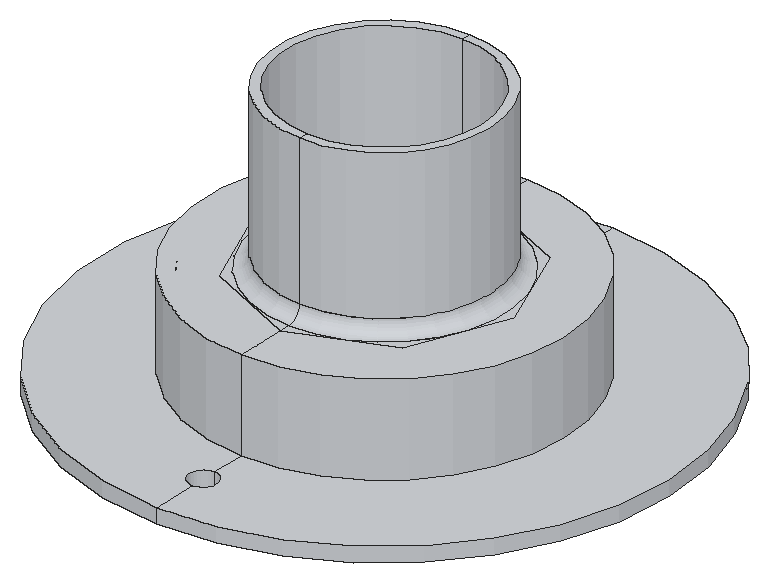
Revit family "MDC1G", category Generic Models, Revit 2017
Family settings
  Can host rebar = No
  Round Connector Dimension = Use Diameter
  Part Type = Normal
  Work Plane-Based = Yes
  Always vertical = No
  Cut with Voids When Loaded = No
  Shared = No
  Room Calculation Point = No
Parameters (values of type "NBS Standard Parameters")
  Weight = "0.0598Kg"
  WarrantyStartDate [instance] = "1900-12-31T23:59:59"
  WarrantyGuarantorParts = "n/a"
  WarrantyGuarantorLabor = "n/a"
  WarrantyDurationUnit = "1 year"
  WarrantyDurationParts = "n/a"
  WarrantyDurationLabor = "n/a"
  WarrantyDescription = "n/a"
  Version = "1"
  Uniclass2 = "Pr_65_70_11_20"
  TagNumber [instance] = "n/a"
  SustainabilityPerformance = "n/a"
  Size = "20mm"
  Shape = "Circular"
  SerialNumber [instance] = "n/a"
  Revision = "n/a"
  ReplacementCost = "n/a"
  ProductInformation = "www.metpro.co.uk/pdf/Mdc1g.pdf"
  NominalWidth = 63 mm
  NominalLength = 63 mm
  NominalHeight = 29.5 mm
  Name = ""
  NBSTypeID = ""
  NBSReference = "90-55-10/460"
  NBSOfficeMasterTag = ""
  NBSNote = ""
  NBSDescription = "Conduit Fittings"
  NBSCertification = ""
  ModelReference = "MDC1G"
  ModelNumber = "n/a"
  Material = "Iron"
  ManufacturerURL = "www.metpro.co.uk"
  ManufacturerName = "Metpro Ltd"
  Keynote = "Compliant to LU Standard 1-085"
  InstallationDate [instance] = "1900-12-31T23:59:59"
  IfcExportType = ""
  IfcExportAs = ""
  Grade = "n/a"
  Finish = "BZP"
  Features = "n/a"
  ExpectedLife = "n/a"
  DurationUnit = "year"
  Description = "MDC1G  20mm Dome Cover"
  Default Elevation = 1219.2 mm
  Constituents = "n/a"
  Color = "n/a"
  CodePerformance = "n/a"
  Category = "n/a"
  BarCode [instance] = "n/a"
  BIMObjectName = "Metpro_Metprolibrary_Conduitfittings_Metalcomponents_steelaccessories"
  Author = "Metpro Limited"
  AssetType = ""
  AssetIdentifier [instance] = "n/a"
  AccessibilityPerformance = "n/a"
Reference planes
  plane 1 "Center (Front/Back)": y = 0
  plane 2: z = 0
  plane 3 "Center (Left/Right)": x = 0
Forms (mm)
  Revolve 1, solid
    sketch origin (-11.741, -7.188, 21.127) x (0, -1, 0) y (0, 0, -1)
      loop
        line (10.897, -18.551) -> (11.897, -18.551) -> (11.897, -1.862)
        arc (11.897, -1.862) -> (12.336, -0.802) -> (13.397, -0.362) r 1.5
        line (13.397, -0.362) -> (14.556, -0.362) -> (20.118, -0.362) -> (20.118, 9.759) -> (32.008, 9.759) -> (32.008, 11.449) -> (18.397, 11.449) -> (18.397, 7.957) -> (18.397, 0.638) -> (13.397, 0.638)
        arc (13.397, 0.638) -> (11.629, -0.095) -> (10.897, -1.862) r 2.5
        line (10.897, -1.862) -> (10.897, -18.551)
      axis (0, -18.551) -> (0, 11.449)
    angle from 0 to 360
  Extrusion 2, void
    sketch origin (-11.741, -7.188, 39.678) x (0, -1, 0) y (-1, 0, 0)
      loop
        circle (25.468, 0) r 1.543
      loop
        circle (-25.468, 0) r 1.543
    from 22.724 to 36.518
Cuts and joins
  Extrusion 2 cuts Revolve 1
Dimensions and locks
  aligned and locked: level to plane 2
